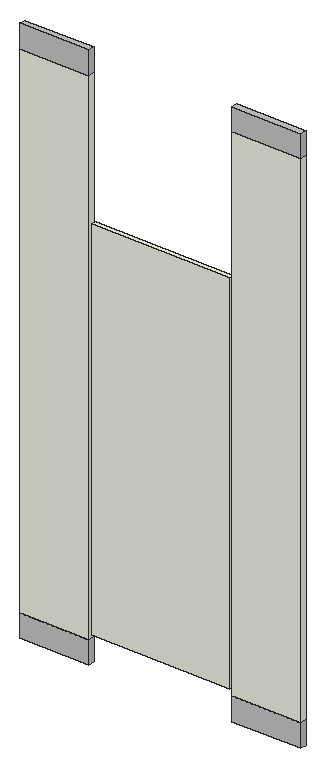
Revit family "Toilet_Partition-Bobrick-B2186-Floor_To_Ceiling_Anchored", category Specialty Equipment, host Floor, Revit 2012
Parameters (values of type "B-2186")
  URL = "http://www.bobrick.com"
  Partition Material = Laminated Plastic - Bobrick - Designer White
  Panel Value = if(DoorPanel Width < 1", 1", if(DoorPanel Width > 84", 84", DoorPanel Width))  # 24"
  Model = "B2186 DuraLineSeries Floor-to-Ceiling-Anchored"
  Manufacturer = "Bobrick Washroom Equipment, Inc."
  Inswing Value = if(DoorPanel Width < 22", 22", if(DoorPanel Width > 37", 37", DoorPanel Width))  # 24"
  DoorPanel Width = 24"
  Right Stile Width = 12"
  Right Stile Visible = yes
  Right Stile Value = if(Right Stile Width < 3", 3", if(Right Stile Width > 24", 24", Right Stile Width))  # 12"
  Panel = not(Door Panel)  # no
  Outswing Value = if(DoorPanel Width < 25", 25", if(DoorPanel Width > 37", 37", DoorPanel Width))  # 25"
  Outswing = and(not(Inswing Visibility), Door Panel)  # no
  Left Stile Width = 12"
  Left Stile Visible = yes
  Left Stile Value = if(Left Stile Width < 3", 3", if(Left Stile Width > 24", 24", Left Stile Width))  # 12"
  Inswing Visibility = and(Inswing, Door Panel)  # yes
  Inswing = yes
  Width Value = if(Inswing Visibility, Inswing Value, if(Outswing, Outswing Value, if(Panel, Panel Value, 36")))  # 24"
  Door Panel = yes
  Description = "Maximum Height Class A Fire-Resistant Partitions and Screens"
  Ceiling Height [instance] = 96"
  Assembly Code = "C1030200"
  ADA Compliant = yes
Reference planes (in)
  plane 1 "Center (Front/Back)": y = 0
  plane 2: z = 0
  plane 3 "Center (Left/Right)": x = 0
  plane 4: x = -24.5
  plane 5: x = 24.5
  plane 6: y = 0.5
  plane 7: y = -0.5
  plane 8: x = -12.5
  plane 9: x = 12.5
  plane 10: x = -12
  plane 11: x = 12
  plane 12: z = 4
  plane 13: z = 4.9375
  plane 14: z = 69
  plane 15: z = 36.96875
  plane 16: y = 24.5
  plane 17: x = 11
  plane 18: z = 96
  plane 19: z = 92
Forms (in)
  Extrusion 1, solid, material "Laminated Plastic - Bobrick - Designer White" <- "Partition Material", visible <- "Left Stile Visible"
    sketch origin (0, 0, 0) x (1, 0, 0) y (0, 1, 0)
      loop
        line (-24.5, 0.5) -> (-24.5, -0.5) -> (-12.5, -0.5) -> (-12.5, 0.5) -> (-24.5, 0.5)
    from 4 to 92
  Extrusion 2, solid, material "Stainless Steel - Bobrick - Satin", visible <- "Left Stile Visible"
    sketch origin (0, 0, 0) x (1, 0, 0) y (0, 1, 0)
      loop
        line (-24.5, 0.5) -> (-24.5, -0.5) -> (-12.5, -0.5) -> (-12.5, 0.5) -> (-24.5, 0.5)
    from 0 to 4
  Extrusion 3, solid, material "Laminated Plastic - Bobrick - Designer White" <- "Partition Material"
    sketch origin (0, 0, 0) x (1, 0, 0) y (0, 1, 0)
      loop
        line (-12, 0.5) -> (-12, -0.5) -> (12, -0.5) -> (12, 0.5) -> (-12, 0.5)
    from 4.9375 to 69
  Extrusion 4, solid, material "Laminated Plastic - Bobrick - Designer White" <- "Partition Material", visible <- "Right Stile Visible"
    sketch origin (0, 0, 0) x (-1, 0, 0) y (0, -1, 0)
      loop
        line (-24.5, -0.5) -> (-12.5, -0.5) -> (-12.5, 0.5) -> (-24.5, 0.5) -> (-24.5, -0.5)
    from 4 to 92
  Extrusion 5, solid, material "Stainless Steel - Bobrick - Satin", visible <- "Right Stile Visible"
    sketch origin (0, 0, 0) x (-1, 0, 0) y (0, -1, 0)
      loop
        line (-24.5, -0.5) -> (-12.5, -0.5) -> (-12.5, 0.5) -> (-24.5, 0.5) -> (-24.5, -0.5)
    from 0 to 4
  Extrusion 6, solid, material "Stainless Steel - Bobrick - Satin", visible <- "Left Stile Visible"
    sketch origin (0, 0, 104) x (1, 0, 0) y (0, 1, 0)
      loop
        line (-24.5, 0.5) -> (-24.5, -0.5) -> (-12.5, -0.5) -> (-12.5, 0.5) -> (-24.5, 0.5)
    from -12 to -8
  Extrusion 7, solid, material "Stainless Steel - Bobrick - Satin", visible <- "Right Stile Visible"
    sketch origin (0, 0, 92) x (-1, 0, 0) y (0, -1, 0)
      loop
        line (-24.5, -0.5) -> (-12.5, -0.5) -> (-12.5, 0.5) -> (-24.5, 0.5) -> (-24.5, -0.5)
    from 0 to 4
Lines and regions (in)
  Masking region 1, visible <- "Left Stile Visible"
    outline origin (0, 0, 0) x (1, 0, 0) y (0, 0, 1)
      loop
        line (-24.5, 96) -> (-24.5, 0) -> (-12.5, 0) -> (-12.5, 96) -> (-24.5, 96)
  Masking region 2
    outline origin (0, 0, 0) x (1, 0, 0) y (0, 0, 1)
      loop
        line (-12, 69) -> (-12, 4.9375) -> (12, 4.9375) -> (12, 69) -> (-12, 69)
  Masking region 3, visible <- "Right Stile Visible"
    outline origin (0, 0, 0) x (1, 0, 0) y (0, 0, 1)
      loop
        line (12.5, 96) -> (12.5, 0) -> (24.5, 0) -> (24.5, 96) -> (12.5, 96)
  Masking region 4, visible <- "Door Panel"
    outline origin (0, 0, 0) x (1, 0, 0) y (0, 1, 0)
      loop
        line (11, 24.5) -> (11, 0.5) -> (12, 0.5) -> (12, 24.5) -> (11, 24.5)
  Masking region 5, visible <- "Left Stile Visible"
    outline origin (0, 0, 0) x (1, 0, 0) y (0, 1, 0)
      loop
        line (-24.5, 0.5) -> (-24.5, -0.5) -> (-12.5, -0.5) -> (-12.5, 0.5) -> (-24.5, 0.5)
  Masking region 6, visible <- "Right Stile Visible"
    outline origin (0, 0, 0) x (1, 0, 0) y (0, 1, 0)
      loop
        line (12.5, 0.5) -> (12.5, -0.5) -> (24.5, -0.5) -> (24.5, 0.5) -> (12.5, 0.5)
  Masking region 7, visible <- "Panel"
    outline origin (0, 0, 0) x (1, 0, 0) y (0, 1, 0)
      loop
        line (-12, -0.5) -> (12, -0.5) -> (12, 0.5) -> (-12, 0.5) -> (-12, -0.5)
  Masking region 8
    outline origin (0, 0, 0) x (0, 1, 0) y (0, 0, 1)
      loop
        line (0.5, 69) -> (-0.5, 69) -> (-0.5, 0) -> (0.5, 0) -> (0.5, 69)
  symbolic lines, visible <- "Left Stile Visible"
    curve 1: line (-24.5, 0, 4) -> (-12.5, 0, 4)
    curve 7: line (-24.5, 0, 92) -> (-12.5, 0, 92)
  symbolic lines, visible <- "Right Stile Visible"
    curve 2: line (12.5, 0, 4) -> (24.5, 0, 4)
    curve 8: line (12.5, 0, 92) -> (24.5, 0, 92)
  symbolic lines, style "Partition Elevation Swing", visible <- "Door Panel"
    curve 3: line (-12, 0, 69) -> (12, 0, 36.86666)
    curve 4: line (12, 0, 36.86666) -> (-12, 0, 4.9375)
    curve 5: arc (-12, 0.5, 0) -> (-4.97056, 17.47056, 0) -> (12, 24.5, 0) r 24
  symbolic lines, style "Partition"
    curve 6: line (0, 0.5, 4) -> (0, -0.5, 4)
Dimensions and locks (in)
  equal spacing: host sketch curve, plane 1 "Center (Front/Back)", host sketch curve
  equal spacing: host sketch curve, plane 3 "Center (Left/Right)", host sketch curve
  host sketch curve to host sketch curve = 120"  (x2)
  locked: plane 8 to plane 10 at 0.5
  locked: plane 11 to plane 9 at 0.5
  "Width Value": plane 10 to plane 11
  equal spacing: plane 10, plane 3 "Center (Left/Right)", plane 11
  "Left Stile Value": plane 4 to plane 8
  "Right Stile Value": plane 9 to plane 5
  locked: plane 12 to level at 4
  locked: plane 13 to level at 4.9375
  locked: plane 14 to level at 69
  locked: plane 6 to plane 7 at 1
  equal spacing: plane 6, plane 1 "Center (Front/Back)", plane 7
  equal spacing: plane 14, plane 15, plane 13
  "Width Value": plane 16 to plane 6
  locked: plane 17 to plane 11 at 1
  "Ceiling Height": plane 18 to level
  locked: plane 18 to plane 19 at 4
  aligned and locked: level to plane 2
  aligned and locked: Extrusion 1 sketch curve to plane 6
  aligned and locked: plane 4 to Extrusion 1 sketch curve
  aligned and locked: plane 7 to Extrusion 1 sketch curve
  aligned and locked: Extrusion 1 sketch curve to plane 8
  aligned: Extrusion 1 to level
  aligned and locked: Extrusion 1 to plane 12
  aligned and locked: plane 4 to Extrusion 2 sketch curve
  aligned and locked: Extrusion 2 sketch curve to plane 6
  aligned and locked: Extrusion 2 sketch curve to plane 8
  aligned and locked: plane 7 to Extrusion 2 sketch curve
  aligned and locked: plane 12 to Extrusion 2
  aligned and locked: Extrusion 2 to level
  aligned and locked: plane 10 to Extrusion 3 sketch curve
  aligned and locked: Extrusion 3 sketch curve to plane 6
  aligned and locked: plane 7 to Extrusion 3 sketch curve
  aligned and locked: Extrusion 3 sketch curve to plane 11
  aligned and locked: plane 14 to Extrusion 3
  aligned and locked: Extrusion 3 to plane 13
  aligned and locked: Extrusion 5 sketch curve to plane 9
  aligned and locked: plane 6 to Extrusion 5 sketch curve
  aligned and locked: plane 5 to Extrusion 5 sketch curve
  aligned and locked: Extrusion 5 sketch curve to plane 7
  aligned and locked: Extrusion 4 sketch curve to plane 9
  aligned and locked: plane 6 to Extrusion 4 sketch curve
  aligned and locked: Extrusion 4 sketch curve to plane 7
  aligned and locked: plane 5 to Extrusion 4 sketch curve
  aligned and locked: Masking region 1 sketch curve to plane 4
  aligned and locked: Masking region 1 sketch curve to level
  aligned and locked: Masking region 1 sketch curve to plane 8
  aligned and locked: Masking region 2 sketch curve to plane 14
  aligned and locked: Masking region 2 sketch curve to plane 10
  aligned and locked: Masking region 2 sketch curve to plane 11
  aligned and locked: Masking region 2 sketch curve to plane 13
  aligned and locked: Masking region 3 sketch curve to plane 9
  aligned and locked: Masking region 3 sketch curve to plane 5
  aligned and locked: Masking region 3 sketch curve to level
  aligned and locked: curve 1 to plane 12
  aligned and locked: plane 4 to curve 1
  aligned and locked: plane 8 to curve 1
  aligned and locked: curve 2 to plane 12
  aligned and locked: plane 5 to curve 2
  aligned and locked: plane 9 to curve 2
  aligned and locked: plane 14 to curve 3
  aligned and locked: plane 10 to curve 3
  aligned and locked: plane 11 to curve 4
  aligned and locked: plane 10 to curve 4
  aligned and locked: plane 13 to curve 4
  aligned and locked: Masking region 4 sketch curve to plane 16
  aligned and locked: plane 17 to Masking region 4 sketch curve
  aligned and locked: plane 6 to Masking region 4 sketch curve
  aligned and locked: Masking region 4 sketch curve to plane 11
  aligned and locked: Masking region 5 sketch curve to plane 6
  aligned and locked: plane 4 to Masking region 5 sketch curve
  aligned and locked: plane 7 to Masking region 5 sketch curve
  aligned and locked: Masking region 5 sketch curve to plane 8
  aligned and locked: Masking region 6 sketch curve to plane 6
  aligned and locked: plane 9 to Masking region 6 sketch curve
  aligned and locked: plane 7 to Masking region 6 sketch curve
  aligned and locked: Masking region 6 sketch curve to plane 5
  aligned and locked: Masking region 4 to curve 5
  aligned and locked: plane 10 to curve 5
  aligned and locked: plane 6 to curve 5  (x2)
  aligned and locked: plane 11 to curve 5
  aligned and locked: Masking region 7 sketch curve to plane 7
  aligned and locked: Masking region 7 sketch curve to plane 10
  aligned and locked: plane 6 to Masking region 7 sketch curve
  aligned and locked: plane 11 to Masking region 7 sketch curve
  aligned and locked: level to Masking region 8 sketch curve
  aligned and locked: Masking region 8 sketch curve to plane 14
  aligned and locked: Masking region 8 sketch curve to plane 6
  aligned and locked: plane 7 to Masking region 8 sketch curve
  aligned and locked: plane 12 to curve 6
  aligned and locked: plane 7 to curve 6
  aligned and locked: plane 6 to curve 6
  aligned and locked: Extrusion 5 to level
  aligned and locked: plane 19 to Extrusion 1
  aligned and locked: plane 19 to Extrusion 4
  aligned and locked: Extrusion 1 to plane 19
  aligned and locked: plane 18 to Extrusion 6
  aligned and locked: Extrusion 6 to plane 19
  aligned and locked: Extrusion 6 to plane 4
  aligned and locked: plane 8 to Extrusion 6
  aligned and locked: Extrusion 6 to plane 7
  aligned and locked: plane 6 to Extrusion 6
  aligned and locked: plane 18 to Masking region 1
  aligned and locked: curve 7 to plane 19
  aligned and locked: plane 18 to Extrusion 7
  aligned and locked: plane 5 to Extrusion 7
  aligned and locked: Extrusion 7 to plane 9
  aligned and locked: Extrusion 7 to plane 19
  aligned and locked: Extrusion 7 to plane 7
  aligned and locked: plane 6 to Extrusion 7
  aligned and locked: plane 18 to Masking region 3
  aligned and locked: curve 8 to plane 19
  aligned and locked: Extrusion 4 to plane 12
  aligned and locked: plane 12 to Extrusion 5
  aligned and locked: Extrusion 7 sketch curve to plane 9
  aligned and locked: plane 6 to Extrusion 7 sketch curve
  aligned and locked: plane 5 to Extrusion 7 sketch curve
  aligned and locked: Extrusion 7 sketch curve to plane 7
  aligned and locked: plane 4 to Extrusion 6 sketch curve
  aligned and locked: Extrusion 6 sketch curve to plane 6
  aligned and locked: Extrusion 6 sketch curve to plane 8
  aligned and locked: plane 7 to Extrusion 6 sketch curve
Automatic sketch dimensions
  curve 7 to plane 4 = 0"
  curve 7 to plane 8 = 0"
  curve 8 to plane 9 = 0"
  curve 8 to plane 5 = 0"
  curve 3 to plane 15 = 0.10209"
  Masking region 1 sketch curve to plane 18 = 0"
  Masking region 3 sketch curve to plane 18 = 0"
